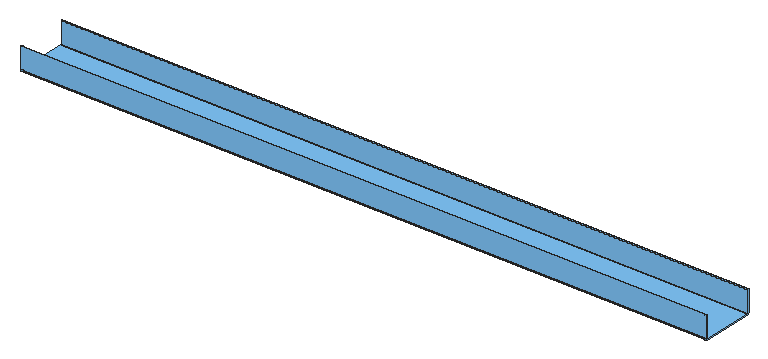
Revit family "U BEAM", category Structural Framing, Revit 2020
Family settings
  Structural Framing Length Roundoff = 0.00 mm
  Section Shape = Not Defined
  Material for Model Behavior = Steel
  Always export as geometry = No
  OmniClass Number = 23.25.30.11.14.14
  OmniClass Title = Beams
  Always vertical = Yes
  Cut with Voids When Loaded = No
  Symbolic Representation = From Project Settings
  Shared = No
  Show family pre-cut in plan views = Yes
Parameters (values of type "44")
  t1 = 1.20 mm
  W = 0
  Structural Material [instance] = Metal - Light Gauge BLUE
  D = 40.00 mm
  B = 93.00 mm
  Assembly Code = "B10"
  Length [instance] = 1524.00 mm
  A = 0.00 in²
Types (86, lengths in mm): name | D | B
  33 | 40.00 | 93.00
  52 | 40.00 | 93.00
  53 | 40.00 | 93.00
  54 | 40.00 | 93.00
  55 | 40.00 | 93.00
  56 | 40.00 | 93.00
  57 | 40.00 | 93.00
  58 | 40.00 | 93.00
  59 | 40.00 | 93.00
  60 | 40.00 | 93.00
  61 | 40.00 | 93.00
  62 | 40.00 | 93.00
  63 | 40.00 | 93.00
  45 | 40.00 | 93.00
  46 | 40.00 | 93.00
  47 | 40.00 | 93.00
  68 | 56.00 | 153.00
  70 | 56.00 | 153.00
  73 | 56.00 | 153.00
  76 | 56.00 | 153.00
  79 | 56.00 | 153.00
  78 | 56.00 | 153.00
  10 | 40.00 | 93.00
  11 | 40.00 | 93.00
  40 | 40.00 | 93.00
  41 | 40.00 | 93.00
  65 | 40.00 | 93.00
  48 | 40.00 | 93.00
  49 | 40.00 | 93.00
  50 | 40.00 | 93.00
  51 | 40.00 | 93.00
  12 | 40.00 | 93.00
  69 | 56.00 | 153.00
  75 | 56.00 | 153.00
  1 | 56.00 | 153.00
  3 | 40.00 | 93.00
  15 | 40.00 | 93.00
  22 | 40.00 | 93.00
  23 | 40.00 | 93.00
  43 | 40.00 | 93.00
  81 | 40.00 | 93.00
  83 | 40.00 | 93.00
  66 | 56.00 | 153.00
  67 | 56.00 | 153.00
  72 | 56.00 | 153.00
  74 | 56.00 | 153.00
  71 | 56.00 | 153.00
  77 | 56.00 | 153.00
  7 | 40.00 | 93.00
  8 | 40.00 | 93.00
  9 | 40.00 | 93.00
  16 | 40.00 | 93.00
  21 | 40.00 | 93.00
  42 | 40.00 | 93.00
  82 | 40.00 | 93.00
  86 | 40.00 | 93.00
  18 | 40.00 | 93.00
  19 | 40.00 | 93.00
  20 | 40.00 | 93.00
  26 | 40.00 | 93.00
  27 | 40.00 | 93.00
  28 | 40.00 | 93.00
  29 | 40.00 | 93.00
  30 | 40.00 | 93.00
  31 | 40.00 | 93.00
  32 | 40.00 | 93.00
  34 | 40.00 | 93.00
  35 | 40.00 | 93.00
  36 | 40.00 | 93.00
  37 | 40.00 | 93.00
  38 | 40.00 | 93.00
  64 | 40.00 | 93.00
  2 | 70.00 | 153.00
  13 | 40.00 | 93.00
  24 | 40.00 | 93.00
  25 | 40.00 | 93.00
  80 | 40.00 | 93.00
  84 | 40.00 | 93.00
  39 | 40.00 | 93.00
  4 | 40.00 | 93.00
  5 | 40.00 | 93.00
  6 | 40.00 | 93.00
  14 | 40.00 | 93.00
  17 | 40.00 | 93.00
  85 | 40.00 | 93.00
  44 | 40.00 | 93.00
Reference planes
  plane 1 "Center (Front/Back)": y = 0
  plane 2: z = 0
  plane 3 "Center (Left/Right)": x = 0.008
  plane 4 "Member Left": x = -604.99
  plane 5 "Member Right": x = 614.21
  plane 6 "Top": z = 40
  plane 7 "Left": x = -731.99
  plane 8 "Right": x = 792.01
  plane 9: y = -46.5
  plane 10: y = 46.5
Forms (mm)
  Sweep 1, solid, material "Metal - Light Gauge BLUE" <- "Structural Material", detail levels medium
    path origin (0, 34.147, 40) x (0, -1, 0) y (1, 0, 0)
      loop
        line (0.016, 614.21) -> (0.016, -604.99)
    profile origin (4.61, 34.131, 40) x (0, -1, 0) y (0, 0, 1)
      loop
        line (-12.369, 0) -> (-12.369, -40) -> (80.631, -40) -> (80.631, 0) -> (79.431, 0) -> (79.431, -38.8) -> (-11.169, -38.8) -> (-11.169, 0) -> (-12.369, 0)
  Sweep 2, solid, material "Metal - Light Gauge BLUE" <- "Structural Material", detail levels fine
    path origin (0, 34.147, 40) x (0, -1, 0) y (1, 0, 0)
      loop
        line (-12.353, 614.21) -> (-12.353, -604.99)
    profile origin (4.61, 46.5, 40) x (0, -1, 0) y (0, 0, 1)
      loop
        line (0, 0) -> (0, -38.006)
        arc (0, -38.006) -> (0.584, -39.416) -> (1.994, -40) r 1.994
        line (1.994, -40) -> (91.006, -40)
        arc (91.006, -40) -> (92.416, -39.416) -> (93, -38.006) r 1.994
        line (93, -38.006) -> (93, 0) -> (91.8, 0) -> (91.8, -38.006)
        arc (91.8, -38.006) -> (91.568, -38.568) -> (91.006, -38.8) r 0.794
        line (91.006, -38.8) -> (1.994, -38.8)
        arc (1.994, -38.8) -> (1.432, -38.568) -> (1.2, -38.006) r 0.794
        line (1.2, -38.006) -> (1.2, 0) -> (0, 0)
Lines and regions (mm)
  symbolic lines, style "Hidden Faces", detail levels medium+fine
    curve 1: line (-604.99, 45.706, 0) -> (614.21, 45.706, 0)
    curve 2: line (-604.99, 4.763, 1.2) -> (614.21, 4.763, 1.2)
    curve 3: line (-604.99, -45.3, 0) -> (614.21, -45.3, 0)
  symbolic lines, style "Stick Symbols", detail levels coarse
    curve 4: line (-731.99, 46.5, 0) -> (-731.99, 46.5, 40)
    curve 5: line (-731.99, 46.5, 40) -> (-731.99, -46.5, 40)
    curve 6: line (-731.99, -46.5, 40) -> (-731.99, -46.5, 0)
Dimensions and locks
  "Length": plane 7 "Left" to plane 8 "Right"
  "D": level to plane 6 "Top"
  "B": plane 10 to plane 9
  equal spacing: plane 10, plane 1 "Center (Front/Back)", plane 9
  "t1": Sweep 2 sketch curve to Sweep 2 sketch curve  (x3)
  "t1": Sweep 1 sketch curve to Sweep 1 sketch curve  (x3)
  aligned and locked: plane 4 "Member Left" to curve 1
  aligned and locked: plane 4 "Member Left" to curve 3
  aligned and locked: plane 5 "Member Right" to curve 1
  aligned and locked: plane 5 "Member Right" to curve 3
  aligned and locked: plane 4 "Member Left" to curve 2
  aligned and locked: plane 5 "Member Right" to curve 2
  aligned and locked: Sweep 2 sketch curve to level
  aligned and locked: profile plane to Sweep 2 sketch curve
  aligned and locked: plane 9 to Sweep 2 sketch curve
  aligned and locked: Sweep 1 sketch curve to plane 10
  aligned and locked: Sweep 1 sketch curve to level
  aligned and locked: plane 9 to Sweep 1 sketch curve
  aligned and locked: Sweep 1 sketch curve to plane 6 "Top"
  aligned and locked: plane 6 "Top" to Sweep 1 sketch curve
Automatic sketch dimensions
  curve 3 to plane 9 = 1.20 mm
  plane 10 to curve 1 = 0.794 mm
  level to curve 2 = 1.20 mm
  level to curve 4 = 40.00 mm
  curve 4 to plane 10 = 0.00 mm
  curve 6 to plane 9 = 0.00 mm
  curve 4 to level = 0.00 mm
  curve 6 to level = 0.00 mm
  Sweep 1 sketch curve to plane 4 "Member Left" = 0.00 mm
  Sweep 1 sketch curve to plane 5 "Member Right" = 0.00 mm
  plane 10 to Sweep 1 sketch curve = 12.369 mm
  Sweep 2 sketch curve to plane 4 "Member Left" = 0.00 mm
  plane 10 to Sweep 2 sketch curve = 0.00 mm
  Sweep 2 sketch curve to plane 5 "Member Right" = 0.00 mm
  Sweep 2 sketch curve to Sweep 2 sketch curve = 0.00 mm  (x2)
  Sweep 2 sketch curve to profile plane = 0.00 mm  (x2)
  Sweep 2 sketch curve to Sweep 2 sketch curve = 0.794 mm  (x2)
